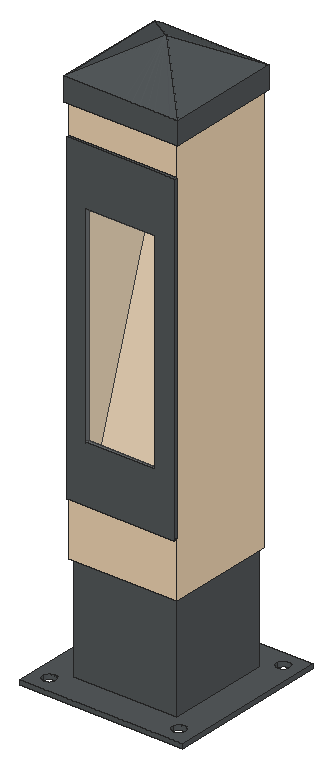
Revit family "Баум", category Осветительные приборы, Revit 2019 (continued)
Parameters (values of type "ДТУ961 Светодиодный светильник Баум ДТУ-96-AF-4Вт-0,6")
    4 0.4 0.4 0.4 0.4 0.4 0.4 0.4 0.4 0.4 0.4 0.4 0.4 0.4 0.4 0.4 0.4 0.4 0.4 0.4\r\n 0.4 0.4 0.4 0.4 0.4 0.4 0.4 0.4 0.4 0.4 0.4 0.4 0.4 0.4 0.4 0.4 0.4 0.4 0.4 0.4 0.4 0.4 0.4 0.4 0.4 0.4 0.4 0.4 0.4 0.4 0.4 0.4\r\n 0.4 0.4 0.4 0.4 0.4 0.4 0.4 0.4 0.4 0.4 0.4 0.4 0.4 0.4 0.4 0.4 0.4 0.4 0.4 0.4 0.4 0.4 0.4 0.4 0.4 0.4 0.4 0.4 0.4 0.4 0.4 0.4\r\n 0.4 0.4 0.4 0.4 0.4 0.4 0.4 0.4 0.4 0.2 0.2 0.2 0.2 0.2 0.2 0.2 0.2 0.2 0.0 0.0 0.0\r\n0.0 0.0 0.2 0.2 0.2 0.2 0.2 0.2 0.4 0.6 0.4 0.4 0.4 0.4 0.4 0.4 0.4 0.4 0.4 0.4 0.4 0.4 0.4 0.4 0.4 0.4 0.4 0.4 0.4 0.4 0.4 0.4\r\n 0.4 0.4 0.4 0.4 0.4 0.6 0.6 0.4 0.4 0.4 0.4 0.7 0.6 0.4 0.4 0.4 0.4 0.4 0.4 0.4 0.4 0.4 0.4 0.4 0.4 0.4 0.4 0.4 0.4 0.4 0.4 0.4\r\n 0.4 0.4 0.4 0.4 0.4 0.4 0.4 0.4 0.4 0.4 0.4 0.4 0.4 0.4 0.4 0.4 0.4 0.4 0.4 0.4 0.4 0.4 0.4 0.4 0.4 0.4 0.4 0.4 0.4 0.4 0.4 0.4\r\n 0.4 0.4 0.4 0.4 0.4 0.4 0.4 0.4 0.4 0.4 0.4 0.4 0.4 0.4 0.4 0.4 0.4 0.4 0.4 0.4 0.4 0.6 0.4 0.4 0.4 0.4 0.4 0.4 0.4 0.4 0.4 0.4\r\n 0.4 0.4 0.4 0.4 0.4 0.4 0.4 0.4 0.4 0.4 0.4 0.4 0.4 0.4 0.4 0.4 0.4 0.4 0.4 0.4 0.4 0.4 0.4 0.4 0.4 0.4 0.4 0.4 0.4 0.4 0.4 0.4\r\n 0.4 0.4 0.4 0.4 0.4 0.4 0.4 0.4 0.4 0.2 0.2 0.2 0.2 0.2 0.2 0.2 0.2 0.2 0.0 0.0 0.0\r\n0.0 0.0 0.2 0.2 0.2 0.2 0.2 0.2 0.4 0.6 0.4 0.4 0.4 0.4 0.4 0.4 0.4 0.4 0.4 0.4 0.4 0.4 0.4 0.4 0.4 0.4 0.4 0.4 0.4 0.4 0.4 0.4\r\n 0.4 0.4 0.4 0.4 0.4 0.6 0.4 0.4 0.4 0.4 0.4 0.6 0.4 0.4 0.4 0.4 0.4 0.4 0.4 0.4 0.4 0.4 0.4 0.4 0.4 0.4 0.4 0.4 0.4 0.4 0.4 0.4\r\n 0.4 0.4 0.4 0.4 0.4 0.4 0.4 0.4 0.4 0.4 0.4 0.4 0.4 0.4 0.4 0.4 0.4 0.4 0.4 0.4 0.4 0.4 0.4 0.4 0.4 0.4 0.4 0.4 0.4 0.4 0.4 0.4\r\n 0.4 0.4 0.4 0.4 0.4 0.4 0.4 0.4 0.4 0.4 0.4 0.4 0.4 0.4 0.4 0.4 0.4 0.4 0.4 0.4 0.4 0.7 0.4 0.4 0.4 0.4 0.4 0.4 0.4 0.4 0.4 0.4\r\n 0.4 0.4 0.4 0.4 0.4 0.4 0.4 0.4 0.4 0.4 0.4 0.4 0.4 0.4 0.4 0.4 0.4 0.4 0.4 0.4 0.4 0.4 0.4 0.4 0.4 0.4 0.4 0.4 0.4 0.4 0.4 0.4\r\n 0.4 0.4 0.4 0.4 0.4 0.4 0.4 0.4 0.4 0.2 0.2 0.2 0.2 0.2 0.2 0.2 0.2 0.2 0.0 0.0 0.0\r\n0.0 0.0 0.2 0.2 0.2 0.2 0.2 0.2 0.4 0.4 0.4 0.4 0.4 0.4 0.4 0.4 0.4 0.4 0.4 0.4 0.4 0.4 0.4 0.4 0.4 0.4 0.4 0.4 0.4 0.4 0.4 0.4\r\n 0.4 0.4 0.4 0.4 0.4 0.4 0.4 0.4 0.4 0.4 0.4 0.4 0.4 0.4 0.4 0.4 0.4 0.4 0.4 0.4 0.4 0.4 0.4 0.4 0.4 0.4 0.4 0.4 0.4 0.4 0.4 0.4\r\n 0.4 0.4 0.4 0.4 0.4 0.4 0.4 0.4 0.4 0.4 0.4 0.4 0.4 0.4 0.4 0.4 0.4 0.4 0.4 0.4 0.4 0.4 0.4 0.4 0.4 0.4 0.4 0.4 0.4 0.4 0.4 0.4\r\n 0.4 0.4 0.4 0.4 0.4 0.4 0.4 0.4 0.4 0.4 0.4 0.4 0.4 0.4 0.4 0.4 0.4 0.4 0.4 0.4 0.4 0.4 0.4 0.4 0.4 0.4 0.4 0.4 0.4 0.4 0.4 0.4\r\n 0.4 0.4 0.4 0.4 0.4 0.4 0.4 0.4 0.4 0.4 0.4 0.4 0.4 0.4 0.4 0.4 0.4 0.4 0.4 0.4 0.4 0.4 0.4 0.4 0.4 0.4 0.4 0.4 0.4 0.4 0.4 0.4\r\n 0.4 0.4 0.4 0.4 0.4 0.4 0.4 0.4 0.4 0.2 0.2 0.2 0.2 0.2 0.2 0.2 0.2 0.2 0.0 0.0 0.0\r\n0.0 0.0 0.2 0.2 0.2 0.2 0.2 0.2 0.4 0.4 0.4 0.4 0.4 0.4 0.4 0.4 0.4 0.4 0.4 0.4 0.4 0.4 0.4 0.4 0.4 0.4 0.4 0.4 0.4 0.4 0.4 0.4\r\n 0.4 0.4 0.4 0.4 0.4 0.4 0.4 0.4 0.4 0.4 0.4 0.4 0.4 0.4 0.4 0.4 0.4 0.4 0.4 0.4 0.4 0.4 0.4 0.4 0.4 0.4 0.4 0.4 0.4 0.4 0.4 0.4\r\n 0.4 0.4 0.4 0.4 0.4 0.4 0.4 0.4 0.4 0.4 0.4 0.4 0.4 0.4 0.4 0.4 0.4 0.4 0.4 0.4 0.4 0.4 0.4 0.4 0.4 0.4 0.4 0.4 0.4 0.4 0.4 0.4\r\n 0.4 0.4 0.4 0.4 0.4 0.4 0.4 0.4 0.4 0.4 0.4 0.4 0.4 0.4 0.4 0.4 0.4 0.4 0.4 0.4 0.4 0.4 0.4 0.4 0.4 0.4 0.4 0.4 0.4 0.4 0.4 0.4\r\n 0.4 0.4 0.4 0.4 0.4 0.4 0.4 0.4 0.4 0.4 0.4 0.4 0.4 0.4 0.4 0.4 0.4 0.4 0.4 0.4 0.4 0.4 0.4 0.4 0.4 0.4 0.4 0.4 0.4 0.4 0.4 0.4\r\n 0.4 0.4 0.4 0.4 0.4 0.4 0.4 0.4 0.4 0.2 0.2 0.2 0.2 0.2 0.2 0.2 0.2 0.2 0.0 0.0 0.0\r\n0.0 0.0 0.2 0.2 0.2 0.2 0.2 0.2 0.4 0.4 0.4 0.4 0.4 0.4 0.4 0.4 0.4 0.4 0.4 0.4 0.4 0.4 0.4 0.4 0.4 0.4 0.4 0.4 0.4 0.4 0.4 0.4\r\n 0.4 0.4 0.4 0.4 0.4 0.4 0.4 0.4 0.4 0.4 0.4 0.4 0.4 0.4 0.4 0.4 0.4 0.4 0.4 0.4 0.4 0.4 0.4 0.4 0.4 0.4 0.4 0.4 0.4 0.4 0.4 0.4\r\n 0.4 0.4 0.4 0.4 0.4 0.4 0.4 0.4 0.4 0.4 0.4 0.4 0.4 0.4 0.4 0.4 0.4 0.4 0.4 0.4 0.4 0.4 0.4 0.4 0.4 0.4 0.4 0.4 0.4 0.4 0.4 0.4\r\n 0.4 0.4 0.4 0.4 0.4 0.4 0.4 0.4 0.4 0.4 0.4 0.4 0.4 0.4 0.4 0.4 0.4 0.4 0.4 0.4 0.4 0.4 0.4 0.4 0.4 0.4 0.4 0.4 0.4 0.4 0.4 0.4\r\n 0.4 0.4 0.4 0.4 0.4 0.4 0.4 0.4 0.4 0.4 0.4 0.4 0.4 0.4 0.4 0.4 0.4 0.4 0.4 0.4 0.4 0.4 0.4 0.4 0.4 0.4 0.4 0.4 0.4 0.4 0.4 0.4\r\n 0.4 0.4 0.4 0.4 0.4 0.4 0.4 0.4 0.4 0.2 0.2 0.2 0.2 0.2 0.2 0.2 0.2 0.2 0.0 0.0 0.0\r\n0.0 0.0 0.2 0.2 0.2 0.2 0.2 0.2 0.4 0.4 0.4 0.4 0.4 0.4 0.4 0.4 0.4 0.4 0.4 0.4 0.4 0.4 0.4 0.4 0.4 0.4 0.4 0.4 0.4 0.4 0.4 0.4\r\n 0.4 0.4 0.4 0.4 0.4 0.4 0.4 0.4 0.4 0.4 0.4 0.4 0.4 0.4 0.4 0.4 0.4 0.4 0.4 0.4 0.4 0.4 0.4 0.4 0.4 0.4 0.4 0.4 0.4 0.4 0.4 0.4\r\n 0.4 0.4 0.4 0.4 0.4 0.4 0.4 0.4 0.4 0.4 0.4 0.4 0.4 0.4 0.4 0.4 0.4 0.4 0.4 0.4 0.4 0.4 0.4 0.4 0.4 0.4 0.4 0.4 0.4 0.4 0.4 0.4\r\n 0.4 0.4 0.4 0.4 0.4 0.4 0.4 0.4 0.4 0.4 0.4 0.4 0.4 0.4 0.4 0.4 0.4 0.4 0.4 0.4 0.4 0.4 0.4 0.4 0.4 0.4 0.4 0.4 0.4 0.4 0.4 0.4\r\n 0.4 0.4 0.4 0.4 0.4 0.4 0.4 0.4 0.4 0.4 0.4 0.4 0.4 0.4 0.4 0.4 0.4 0.4 0.4 0.4 0.4 0.4 0.4 0.4 0.4 0.4 0.4 0.4 0.4 0.4 0.4 0.4\r\n 0.4 0.4 0.4 0.4 0.4 0.4 0.4 0.4 0.4 0.2 0.2 0.2 0.2 0.2 0.2 0.2 0.2 0.2 0.0 0.0 0.0\r\n0.0 0.0 0.2 0.2 0.2 0.2 0.2 0.2 0.4 0.4 0.4 0.4 0.4 0.4 0.4 0.4 0.4 0.4 0.4 0.4 0.4 0.4 0.4 0.4 0.4 0.4 0.4 0.4 0.4 0.4 0.4 0.4\r\n 0.4 0.4 0.4 0.4 0.4 0.4 0.4 0.4 0.4 0.4 0.4 0.4 0.4 0.4 0.4 0.4 0.4 0.4 0.4 0.4 0.4 0.4 0.4 0.4 0.4 0.4 0.4 0.4 0.4 0.4 0.4 0.4\r\n 0.4 0.4 0.4 0.4 0.4 0.4 0.4 0.4 0.4 0.4 0.4 0.4 0.4 0.4 0.4 0.4 0.4 0.4 0.4 0.4 0.4 0.4 0.4 0.4 0.4 0.4 0.4 0.4 0.4 0.4 0.4 0.4\r\n 0.4 0.4 0.4 0.4 0.4 0.4 0.4 0.4 0.4 0.4 0.4 0.4 0.4 0.4 0.4 0.4 0.4 0.4 0.4 0.4 0.4 0.4 0.4 0.4 0.4 0.4 0.4 0.4 0.4 0.4 0.4 0.4\r\n 0.4 0.4 0.4 0.4 0.4 0.4 0.4 0.4 0.4 0.4 0.4 0.4 0.4 0.4 0.4 0.4 0.4 0.4 0.4 0.4 0.4 0.4 0.4 0.4 0.4 0.4 0.4 0.4 0.4 0.4 0.4 0.4\r\n 0.4 0.4 0.4 0.4 0.4 0.4 0.4 0.4 0.4 0.2 0.2 0.2 0.2 0.2 0.2 0.2 0.2 0.2 0.0 0.0 0.0\r\n0.0 0.0 0.2 0.2 0.2 0.2 0.2 0.2 0.4 0.4 0.4 0.4 0.4 0.4 0.4 0.4 0.4 0.4 0.4 0.4 0.4 0.4 0.4 0.4 0.4 0.4 0.4 0.4 0.4 0.4 0.4 0.4\r\n 0.4 0.4 0.4 0.4 0.4 0.4 0.4 0.4 0.4 0.4 0.4 0.4 0.4 0.4 0.4 0.4 0.4 0.4 0.4 0.4 0.4 0.4 0.4 0.4 0.4 0.4 0.4 0.4 0.4 0.4 0.4 0.4\r\n 0.4 0.4 0.4 0.4 0.4 0.4 0.4 0.4 0.4 0.4 0.4 0.4 0.4 0.4 0.4 0.4 0.4 0.4 0.4 0.4 0.4 0.4 0.4 0.4 0.4 0.4 0.4 0.4 0.4 0.4 0.4 0.4\r\n 0.4 0.4 0.4 0.4 0.4 0.4 0.4 0.4 0.4 0.4 0.4 0.4 0.4 0.4 0.4 0.4 0.4 0.4 0.4 0.4 0.4 0.4 0.4 0.4 0.4 0.4 0.4 0.4 0.4 0.4 0.4 0.4\r\n 0.4 0.4 0.4 0.4 0.4 0.4 0.4 0.4 0.4 0.4 0.4 0.4 0.4 0.4 0.4 0.4 0.4 0.4 0.4 0.4 0.4 0.4 0.4 0.4 0.4 0.4 0.4 0.4 0.4 0.4 0.4 0.4\r\n 0.4 0.4 0.4 0.4 0.4 0.4 0.4 0.4 0.4 0.2 0.2 0.2 0.2 0.2 0.2 0.2 0.2 0.2 0.0 0.0 0.0\r\n0.0 0.0 0.2 0.2 0.2 0.2 0.2 0.2 0.4 0.4 0.4 0.4 0.4 0.4 0.4 0.4 0.4 0.4 0.4 0.4 0.4 0.4 0.4 0.4 0.4 0.4 0.4 0.4 0.4 0.4 0.4 0.4\r\n 0.4 0.4 0.4 0.4 0.4 0.4 0.4 0.4 0.4 0.4 0.4 0.4 0.4 0.4 0.4 0.4 0.4 0.4 0.4 0.4 0.4 0.4 0.4 0.4 0.4 0.4 0.4 0.4 0.4 0.4 0.4 0.4\r\n 0.4 0.4 0.4 0.4 0.4 0.4 0.4 0.4 0.4 0.4 0.4 0.4 0.4 0.4 0.4 0.4 0.4 0.4 0.4 0.4 0.4 0.4 0.4 0.4 0.4 0.4 0.4 0.4 0.4 0.4 0.4 0.4\r\n 0.4 0.4 0.4 0.4 0.4 0.4 0.4 0.4 0.4 0.4 0.4 0.4 0.4 0.4 0.4 0.4 0.4 0.4 0.4 0.4 0.4 0.4 0.4 0.4 0.4 0.4 0.4 0.4 0.4 0.4 0.4 0.4\r\n 0.4 0.4 0.4 0.4 0.4 0.4 0.4 0.4 0.4 0.4 0.4 0.4 0.4 0.4 0.4 0.4 0.4 0.4 0.4 0.4 0.4 0.4 0.4 0.4 0.4 0.4 0.4 0.4 0.4 0.4 0.4 0.4\r\n 0.4 0.4 0.4 0.4 0.4 0.4 0.4 0.4 0.4 0.2 0.2 0.2 0.2 0.2 0.2 0.2 0.2 0.2 0.0 0.0 0.0\r\n0.0 0.0 0.0 0.2 0.2 0.2 0.2 0.2 0.4 0.4 0.4 0.4 0.4 0.4 0.4 0.4 0.4 0.4 0.4 0.4 0.4 0.4 0.4 0.4 0.4 0.4 0.4 0.4 0.4 0.4 0.4 0.4\r\n 0.4 0.4 0.4 0.4 0.4 0.4 0.4 0.4 0.4 0.4 0.4 0.4 0.4 0.4 0.4 0.4 0.4 0.4 0.4 0.4 0.4 0.4 0.4 0.4 0.4 0.4 0.4 0.4 0.4 0.4 0.4 0.4\r\n 0.4 0.4 0.4 0.4 0.4 0.4 0.4 0.4 0.4 0.4 0.4 0.4 0.4 0.4 0.4 0.4 0.4 0.4 0.4 0.4 0.4 0.4 0.4 0.4 0.4 0.4 0.4 0.4 0.4 0.4 0.4 0.4\r\n 0.4 0.4 0.4 0.4 0.4 0.4 0.4 0.4 0.4 0.4 0.4 0.4 0.4 0.4 0.4 0.4 0.4 0.4 0.4 0.4 0.4 0.4 0.4 0.4 0.4 0.4 0.4 0.4 0.4 0.4 0.4 0.4\r\n 0.4 0.4 0.4 0.4 0.4 0.4 0.4 0.4 0.4 0.4 0.4 0.4 0.4 0.4 0.4 0.4 0.4 0.4 0.4 0.4 0.4 0.4 0.4 0.4 0.4 0.4 0.4 0.4 0.4 0.4 0.4 0.4\r\n 0.4 0.4 0.4 0.4 0.4 0.4 0.4 0.4 0.4 0.2 0.2 0.2 0.2 0.2 0.2 0.2 0.2 0.2 0.0 0.0 0.0\r\n0.0 0.0 0.0 0.2 0.2 0.2 0.2 0.2 0.4 0.4 0.4 0.4 0.4 0.4 0.4 0.4 0.4 0.4 0.4 0.4 0.4 0.4 0.4 0.4 0.4 0.4 0.4 0.4 0.4 0.4 0.4 0.4\r\n 0.4 0.4 0.4 0.4 0.4 0.4 0.4 0.4 0.4 0.4 0.4 0.4 0.4 0.4 0.4 0.4 0.4 0.4 0.4 0.4 0.4 0.4 0.4 0.4 0.4 0.4 0.4 0.4 0.4 0.4 0.4 0.4\r\n 0.4 0.4 0.4 0.4 0.4 0.4 0.4 0.4 0.4 0.4 0.4 0.4 0.4 0.4 0.4 0.4 0.4 0.4 0.4 0.4 0.4 0.4 0.4 0.4 0.4 0.4 0.4 0.4 0.4 0.4 0.4 0.4\r\n 0.4 0.4 0.4 0.4 0.4 0.4 0.4 0.4 0.4 0.4 0.4 0.4 0.4 0.4 0.4 0.4 0.4 0.4 0.4 0.4 0.4 0.4 0.4 0.4 0.4 0.4 0.4 0.4 0.4 0.4 0.4 0.4\r\n 0.4 0.4 0.4 0.4 0.4 0.4 0.4 0.4 0.4 0.4 0.4 0.4 0.4 0.4 0.4 0.4 0.4 0.4 0.4 0.4 0.4 0.4 0.4 0.4 0.4 0.4 0.4 0.4 0.4 0.4 0.4 0.4\r\n 0.4 0.4 0.4 0.4 0.4 0.4 0.4 0.4 0.4 0.2 0.2 0.2 0.2 0.2 0.2 0.2 0.2 0.2 0.0 0.0 0.0\r\n0.0 0.0 0.0 0.2 0.2 0.2 0.2 0.2 0.4 0.4 0.4 0.4 0.4 0.4 0.4 0.4 0.4 0.4 0.4 0.4 0.4 0.4 0.4 0.4 0.4 0.6 0.4 0.4 0.4 0.4 0.4 0.4\r\n 0.4 0.4 0.4 0.4 0.4 0.4 0.4 0.4 0.4 0.4 0.4 0.4 0.4 0.4 0.4 0.4 0.4 0.4 0.4 0.4 0.4 0.4 0.4 0.4 0.4 0.4 0.4 0.4 0.4 0.4 0.4 0.4\r\n 0.4 0.4 0.4 0.4 0.4 0.4 0.4 0.4 0.4 0.4 0.4 0.4 0.4 0.4 0.4 0.4 0.4 0.4 0.4 0.4 0.4 0.4 0.4 0.4 0.4 0.4 0.4 0.4 0.4 0.4 0.4 0.4\r\n 0.4 0.4 0.4 0.4 0.4 0.4 0.4 0.4 0.4 0.4 0.4 0.4 0.4 0.4 0.4 0.4 0.4 0.4 0.4 0.4 0.4 0.4 0.4 0.4 0.4 0.4 0.4 0.4 0.4 0.4 0.4 0.4\r\n 0.4 0.4 0.4 0.4 0.4 0.4 0.4 0.4 0.4 0.4 0.4 0.4 0.4 0.4 0.4 0.4 0.4 0.4 0.4 0.4 0.4 0.4 0.4 0.4 0.4 0.4 0.4 0.4 0.4 0.4 0.4 0.4\r\n 0.4 0.4 0.4 0.4 0.4 0.4 0.4 0.4 0.4 0.2 0.2 0.2 0.2 0.2 0.2 0.2 0.2 0.2 0.0 0.0 0.0\r\n0.0 0.0 0.0 0.2 0.2 0.2 0.2 0.2 0.4 0.4 0.4 0.4 0.4 0.4 0.4 0.4 0.4 0.4 0.4 0.4 0.4 0.4 0.4 0.4 0.4 0.4 0.4 0.4 0.4 0.4 0.4 0.4\r\n 0.4 0.4 0.4 0.4 0.4 0.4 0.4 0.4 0.4 0.4 0.4 0.4 0.4 0.4 0.4 0.4 0.4 0.4 0.4 0.4 0.4 0.4 0.4 0.4 0.4 0.4 0.4 0.4 0.4 0.4 0.4 0.4\r\n 0.4 0.4 0.4 0.4 0.4 0.4 0.4 0.4 0.4 0.4 0.4 0.4 0.4 0.4 0.4 0.4 0.4 0.4 0.4 0.4 0.4 0.4 0.4 0.4 0.4 0.4 0.4 0.4 0.4 0.4 0.4 0.4\r\n 0.4 0.4 0.4 0.4 0.4 0.4 0.4 0.4 0.4 0.4 0.4 0.4 0.4 0.4 0.4 0.4 0.4 0.4 0.4 0.4 0.4 0.4 0.4 0.4 0.4 0.4 0.4 0.4 0.4 0.4 0.4 0.4\r\n 0.4 0.4 0.4 0.4 0.4 0.4 0.4 0.4 0.4 0.4 0.4 0.4 0.4 0.6 0.4 0.4 0.4 0.4 0.4 0.4 0.4 0.4 0.4 0.4 0.4 0.4 0.4 0.4 0.4 0.4 0.4 0.4\r\n 0.4 0.4 0.4 0.4 0.4 0.4 0.4 0.4 0.4 0.2 0.2 0.2 0.2 0.2 0.2 0.2 0.2 0.2 0.0 0.0 0.0\r\n0.0 0.0 0.0 0.0 0.2 0.2 0.2 0.2 0.4 0.4 0.4 0.4 0.4 0.4 0.4 0.4 0.4 0.4 0.4 0.4 0.4 0.4 0.4 0.4 0.4 0.4 0.4 0.4 0.4 0.4 0.4 0.4\r\n 0.4 0.4 0.4 0.4 0.4 0.4 0.4 0.4 0.4 0.4 0.4 0.4 0.4 0.4 0.4 0.4 0.4 0.4 0.4 0.4 0.4 0.4 0.4 0.4 0.4 0.4 0.4 0.4 0.4 0.4 0.4 0.4\r\n 0.4 0.4 0.4 0.4 0.4 0.4 0.4 0.4 0.4 0.4 0.4 0.4 0.4 0.4 0.4 0.4 0.4 0.4 0.4 0.4 0.4 0.4 0.4 0.4 0.4 0.4 0.4 0.4 0.4 0.4 0.4 0.4\r\n 0.4 0.4 0.4 0.4 0.4 0.4 0.4 0.4 0.4 0.4 0.4 0.4 0.4 0.4 0.4 0.4 0.4 0.4 0.4 0.4 0.4 0.4 0.4 0.4 0.4 0.4 0.4 0.4 0.4 0.4 0.4 0.4\r\n 0.4 0.4 0.4 0.4 0.4 0.4 0.4 0.4 0.4 0.4 0.4 0.4 0.4 0.4 0.4 0.4 0.4 0.4 0.4 0.4 0.4 0.4 0.4 0.4 0.4 0.4 0.4 0.4 0.4 0.4 0.4 0.4\r\n 0.4 0.4 0.4 0.4 0.4 0.4 0.4 0.4 0.4 0.2 0.2 0.2 0.2 0.2 0.2 0.2 0.2 0.2 0.0 0.0 0.0\r\n0.0 0.0 0.0 0.0 0.2 0.2 0.2 0.2 0.4 0.4 0.4 0.4 0.4 0.4 0.4 0.4 0.4 0.4 0.4 0.4 0.4 0.4 0.4 0.4 0.4 0.4 0.4 0.4 0.4 0.4 0.4 0.4\r\n 0.4 0.4 0.4 0.4 0.4 0.4 0.4 0.4 0.4 0.4 0.4 0.4 0.4 0.4 0.4 0.4 0.4 0.4 0.4 0.4 0.4 0.4 0.4 0.4 0.4 0.4 0.4 0.4 0.4 0.4 0.4 0.4\r\n 0.4 0.4 0.4 0.4 0.4 0.4 0.4 0.4 0.4 0.4 0.4 0.4 0.4 0.4 0.4 0.4 0.4 0.4 0.4 0.4 0.4 0.4 0.4 0.4 0.4 0.4 0.4 0.4 0.4 0.4 0.4 0.4\r\n 0.4 0.4 0.4 0.4 0.4 0.4 0.4 0.4 0.4 0.4 0.4 0.4 0.4 0.4 0.4 0.4 0.4 0.4 0.4 0.4 0.4 0.4 0.4 0.4 0.4 0.4 0.4 0.4 0.4 0.4 0.4 0.4\r\n 0.4 0.4 0.4 0.4 0.4 0.4 0.4 0.4 0.4 0.4 0.4 0.4 0.4 0.4 0.4 0.4 0.4 0.4 0.4 0.4 0.4 0.4 0.4 0.4 0.4 0.4 0.4 0.4 0.4 0.4 0.4 0.4\r\n 0.4 0.4 0.4 0.4 0.4 0.4 0.4 0.4 0.4 0.2 0.2 0.2 0.2 0.2 0.2 0.2 0.2 0.2 0.0 0.0 0.0\r\n0.0 0.0 0.0 0.0 0.2 0.2 0.2 0.2 0.4 0.4 0.4 0.4 0.4 0.4 0.4 0.4 0.4 0.4 0.4 0.4 0.4 0.4 0.4 0.4 0.4 0.4 0.4 0.4 0.4 0.4 0.4 0.4\r\n 0.4 0.4 0.4 0.4 0.4 0.4 0.4 0.4 0.4 0.4 0.4 0.4 0.4 0.4 0.4 0.4 0.4 0.4 0.4 0.4 0.4 0.4 0.4 0.4 0.4 0.4 0.4 0.4 0.4 0.4 0.4 0.4\r\n 0.4 0.4 0.4 0.4 0.4 0.4 0.4 0.4 0.4 0.4 0.4 0.4 0.4 0.4 0.4 0.4 0.4 0.4 0.4 0.4 0.4 0.4 0.4 0.4 0.4 0.4 0.4 0.4 0.4 0.4 0.4 0.4\r\n 0.4 0.4 0.4 0.4 0.4 0.4 0.4 0.4 0.4 0.4 0.4 0.4 0.4 0.4 0.4 0.4 0.4 0.4 0.4 0.4 0.4 0.4 0.4 0.4 0.4 0.4 0.4 0.4 0.4 0.4 0.4 0.4\r\n 0.4 0.4 0.4 0.4 0.4 0.4 0.4 0.4 0.4 0.4 0.4 0.4 0.4 0.4 0.4 0.4 0.4 0.4 0.4 0.4 0.4 0.4 0.4 0.4 0.4 0.4 0.4 0.4 0.4 0.4 0.4 0.4\r\n 0.4 0.4 0.4 0.4 0.4 0.4 0.4 0.4 0.4 0.2 0.2 0.2 0.2 0.2 0.2 0.2 0.2 0.2 0.0 0.0 0.0\r\n0.0 0.0 0.0 0.0 0.0 0.2 0.2 0.2 0.4 0.4 0.4 0.4 0.4 0.4 0.4 0.4 0.4 0.4 0.4 0.4 0.4 0.4 0.4 0.4 0.4 0.4 0.4 0.4 0.4 0.4 0.4 0.4\r\n 0.4 0.4 0.4 0.4 0.4 0.4 0.4 0.4 0.4 0.4 0.4 0.4 0.4 0.4 0.4 0.4 0.4 0.4 0.4 0.4 0.4 0.4 0.4 0.4 0.4 0.4 0.4 0.4 0.4 0.4 0.4 0.4\r\n 0.4 0.4 0.4 0.4 0.4 0.4 0.4 0.4 0.4 0.4 0.4 0.4 0.4 0.4 0.4 0.4 0.4 0.4 0.4 0.4 0.4 0.4 0.4 0.4 0.4 0.4 0.4 0.4 0.4 0.4 0.4 0.4\r\n 0.4 0.4 0.4 0.4 0.4 0.4 0.4 0.4 0.4 0.4 0.4 0.4 0.4 0.4 0.4 0.4 0.4 0.4 0.4 0.4 0.4 0.4 0.4 0.4 0.4 0.4 0.4 0.4 0.4 0.4 0.4 0.4\r\n 0.4 0.4 0.4 0.4 0.4 0.4 0.4 0.4 0.4 0.4 0.4 0.4 0.4 0.4 0.4 0.4 0.4 0.4 0.4 0.4 0.4 0.4 0.4 0.4 0.4 0.4 0.4 0.4 0.4 0.4 0.4 0.4\r\n 0.4 0.4 0.4 0.4 0.4 0.4 0.4 0.4 0.4 0.2 0.2 0.2 0.2 0.2 0.2 0.2 0.2 0.2 0.0 0.0 0.0\r\n0.0 0.0 0.0 0.0 0.0 0.2 0.2 0.2 0.4 0.4 0.4 0.4 0.4 0.4 0.4 0.4 0.4 0.4 0.4 0.4 0.4 0.4 0.4 0.4 0.4 0.4 0.4 0.4 0.4 0.4 0.4 0.4\r\n 0.4 0.4 0.4 0.4 0.4 0.4 0.4 0.4 0.4 0.4 0.4 0.4 0.4 0.4 0.4 0.4 0.4 0.4 0.4 0.4 0.4 0.4 0.4 0.4 0.4 0.4 0.4 0.4 0.4 0.4 0.4 0.4\r\n 0.4 0.4 0.4 0.4 0.4 0.4 0.4 0.4 0.4 0.4 0.4 0.4 0.4 0.4 0.4 0.4 0.4 0.4 0.4 0.4 0.4 0.4 0.4 0.4 0.4 0.4 0.4 0.4 0.4 0.4 0.4 0.4\r\n 0.4 0.4 0.4 0.4 0.4 0.4 0.4 0.4 0.4 0.4 0.4 0.4 0.4 0.4 0.4 0.4 0.4 0.4 0.4 0.4 0.4 0.4 0.4 0.4 0.4 0.4 0.4 0.4 0.4 0.4 0.4 0.4\r\n 0.4 0.4 0.4 0.4 0.4 0.4 0.4 0.4 0.4 0.4 0.4 0.4 0.4 0.4 0.4 0.4 0.4 0.4 0.4 0.4 0.4 0.4 0.4 0.4 0.4 0.4 0.4 0.4 0.4 0.4 0.4 0.4\r\n 0.4 0.4 0.4 0.4 0.4 0.4 0.4 0.4 0.4 0.2 0.2 0.2 0.2 0.2 0.2 0.2 0.2 0.2 0.0 0.0 0.0\r\n0.0 0.0 0.0 0.0 0.0 0.2 0.2 0.2 0.4 0.4 0.4 0.4 0.4 0.4 0.4 0.4 0.4 0.4 0.4 0.4 0.4 0.4 0.4 0.4 0.4 0.4 0.4 0.4 0.4 0.4 0.4 0.4\r\n 0.4 0.4 0.4 0.4 0.4 0.4 0.4 0.4 0.4 0.4 0.4 0.4 0.4 0.4 0.4 0.4 0.4 0.4 0.4 0.6 0.4 0.4 0.4 0.4 0.4 0.4 0.4 0.4 0.4 0.4 0.4 0.4\r\n 0.4 0.4 0.4 0.4 0.4 0.4 0.4 0.4 0.4 0.4 0.4 0.4 0.4 0.4 0.4 0.4 0.4 0.4 0.4 0.4 0.4 0.4 0.4 0.4 0.4 0.4 0.4 0.4 0.4 0.4 0.4 0.4\r\n 0.4 0.4 0.4 0.4 0.4 0.4 0.4 0.4 0.4 0.4 0.4 0.4 0.4 0.4 0.4 0.4 0.4 0.4 0.4 0.4 0.4 0.4 0.4 0.4 0.4 0.4 0.4 0.4 0.4 0.4 0.4 0.4\r\n 0.4 0.4 0.4 0.4 0.4 0.4 0.4 0.4 0.4 0.4 0.4 0.4 0.4 0.4 0.4 0.4 0.4 0.4 0.4 0.4 0.4 0.4 0.4 0.4 0.4 0.4 0.4 0.4 0.4 0.4 0.4 0.4\r\n 0.4 0.4 0.4 0.4 0.4 0.4 0.4 0.4 0.4 0.4 0.2 0.2 0.2 0.2 0.2 0.2 0.2 0.2 0.0 0.0 0.0\r\n0.0 0.0 0.0 0.0 0.0 0.2 0.2 0.2 0.4 0.4 0.4 0.4 0.4 0.4 0.4 0.4 0.4 0.4 0.4 0.4 0.4 0.4 0.4 0.4 0.4 0.4 0.4 0.4 0.4 0.4 0.4 0.4\r\n 0.4 0.4 0.4 0.4 0.4 0.4 0.4 0.4 0.4 0.4 0.4 0.4 0.4 0.4 0.4 0.4 0.4 0.4 0.4 0.4 0.4 0.4 0.4 0.4 0.4 0.4 0.4 0.4 0.4 0.4 0.4 0.4\r\n 0.4 0.4 0.4 0.4 0.4 0.4 0.4 0.4 0.4 0.4 0.4 0.4 0.4 0.4 0.4 0.4 0.4 0.4 0.4 0.4 0.4 0.4 0.4 0.4 0.4 0.4 0.4 0.4 0.4 0.4 0.4 0.4\r\n 0.4 0.4 0.4 0.4 0.4 0.4 0.4 0.4 0.4 0.4 0.4 0.4 0.4 0.4 0.4 0.4 0.4 0.4 0.4 0.4 0.4 0.4 0.4 0.4 0.4 0.4 0.4 0.4 0.4 0.4 0.4 0.4\r\n 0.4 0.4 0.4 0.4 0.4 0.4 0.4 0.4 0.4 0.4 0.4 0.4 0.4 0.4 0.4 0.4 0.4 0.4 0.4 0.4 0.4 0.4 0.4 0.4 0.4 0.4 0.4 0.4 0.4 0.4 0.4 0.4\r\n 0.4 0.4 0.4 0.4 0.4 0.4 0.4 0.4 0.4 0.4 0.2 0.2 0.2 0.2 0.2 0.2 0.2 0.0 0.0 0.0 0.0\r\n0.0 0.0 0.0 0.0 0.0 0.2 0.2 0.2 0.4 0.4 0.4 0.4 0.4 0.4 0.4 0.4 0.4 0.4 0.4 0.4 0.4 0.4 0.4 0.4 0.4 0.4 0.4 0.4 0.4 0.4 0.4 0.4\r\n 0.4 0.4 0.4 0.4 0.4 0.4 0.4 0.4 0.4 0.4 0.4 0.4 0.4 0.4 0.4 0.4 0.4 0.4 0.4 0.4 0.4 0.4 0.4 0.4 0.4 0.4 0.4 0.4 0.4 0.4 0.4 0.4\r\n 0.4 0.4 0.4 0.4 0.4 0.4 0.4 0.4 0.4 0.4 0.4 0.4 0.4 0.4 0.4 0.4 0.4 0.4 0.4 0.4 0.4 0.4 0.4 0.4 0.4 0.4 0.4 0.4 0.4 0.4 0.4 0.4\r\n 0.4 0.4 0.4 0.4 0.4 0.4 0.4 0.4 0.4 0.4 0.4 0.4 0.4 0.4 0.4 0.4 0.4 0.4 0.4 0.4 0.4 0.4 0.4 0.4 0.4 0.4 0.4 0.4 0.4 0.4 0.4 0.4\r\n 0.4 0.4 0.4 0.4 0.4 0.4 0.4 0.4 0.4 0.4 0.4 0.4 0.4 0.4 0.4 0.4 0.4 0.4 0.4 0.4 0.4 0.4 0.4 0.4 0.4 0.4 0.4 0.4 0.4 0.4 0.4 0.4\r\n 0.4 0.4 0.4 0.4 0.4 0.4 0.4 0.4 0.4 0.4 0.2 0.2 0.2 0.2 0.2 0.2 0.2 0.0 0.0 0.0 0.0\r\n0.0 0.0 0.0 0.0 0.0 0.0 0.2 0.2 0.4 0.4 0.4 0.4 0.4 0.4 0.4 0.4 0.4 0.4 0.4 0.4 0.4 0.4 0.4 0.4 0.4 0.4 0.4 0.4 0.4 0.4 0.4 0.4\r\n 0.4 0.4 0.
